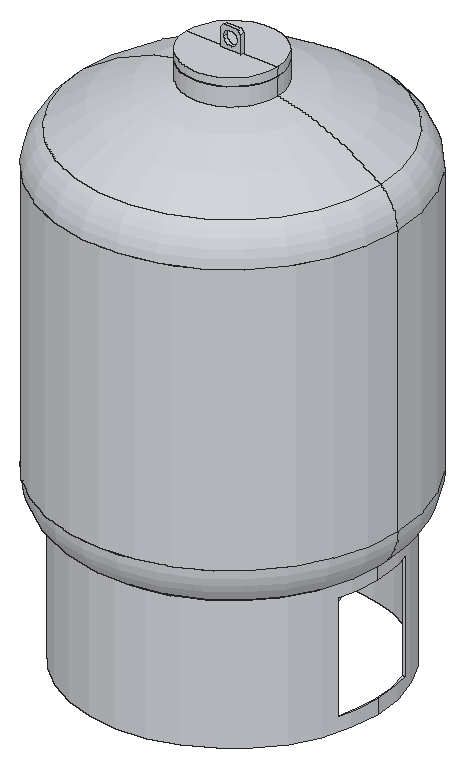
Revit family
Parameters (values of type "ST-456 150# W.P. 10 BAR")
  Weight = "1418 lbs"
  Tank Volume = "422 Gal"
  Tank Only = 63.125"
  Tank Height/Length = 78.875"
  Tank Diameter = "48"
  Pipe Connector Diameter = Pipe Connection Radius * 2  # 3.000"
  Pipe Connection Radius = 1.500"
  Model = "ST-456"
  Maximum Acceptance Volume = "274 Gal"
  Max Operating Temp = "240 Deg F"
  Max Operating Pressure = "150 PSI"
  Manufacturer = "Amtrol"
  Lifting Ring Location = Tank Only / 2  # 31.5625"
  Floor to Elbow Centerline = 7.125"
  Floor to Bottom of Tank = 12.500"
  Bladder/Diaphragm = "Bladder"
  ASME = no
Types (3): name | Weight | Tank Volume | Tank Only | Tank Height/Length | Model | Maximum Acceptance Volume | Lifting Ring Location
  (no name) | "1418 lbs" | "422 Gal" | 63.125" | 78.875" | "ST-456" | "274 Gal" | 31.5625"
  ST-456 150# W.P. 10 BAR | "1418 lbs" | "422 Gal" | 63.125" | 78.875" | "ST-456" | "274 Gal" | 31.5625"
  ST-457 150# W.P. 10 BAR | "1676 lbs" | "528 Gal" | 78.500" | 94.250" | "ST-457" | "343 Gal" | 39.250"
Reference planes (in)
  plane 1 "Center (Front/Back)": y = 0
  plane 2: z = 0
  plane 3 "Center (Left/Right)": x = 0
Forms (in)
  Revolve 1, solid
    sketch origin (0, 0, 0) x (1, 0, 0) y (0, 0, 1)
      loop
        arc (21.44792, 65.05553) -> (11.32825, 70.37355) -> (0, 71.90974) r 32.91716
        line (0, 71.90974) -> (0, 8.78474)
        arc (0, 8.78474) -> (11.37188, 10.40671) -> (21.49399, 15.83746) r 32.917
        arc (21.49399, 15.83746) -> (23.3404, 18.13371) -> (23.99993, 21.00548) r 6.582
        line (23.99993, 21.00548) -> (23.99993, 60.04693)
        arc (23.99993, 60.04693) -> (23.28548, 62.83736) -> (21.44792, 65.05553) r 6.58224
      axis (0, 8.78474) -> (0, 71.90974)
    angle from 0 to 360
  Revolve 2, solid
    sketch origin (0, 0, 0) x (1, 0, 0) y (0, 0, 1)
      loop
        line (0, 75.15974) -> (0, 71.40764) -> (6.625, 71.40764) -> (6.625, 73.90974) -> (0.95512, 73.90974) -> (0.95512, 74.03474) -> (6.625, 74.03474) -> (6.625, 75.15974) -> (0, 75.15974)
      axis (0, 71.40764) -> (0, 75.15974)
    angle from 0 to 360
  Revolve 3, solid
    sketch origin (0, 0, 0) x (1, 0, 0) y (0, 0, 1)
      loop
        line (14.4359, 8.05952) -> (14.33884, 8.42174) -> (13.97054, 8.32305) -> (13.87349, 8.68528) -> (14.24179, 8.78396) -> (14.14473, 9.14618) -> (12.69584, 8.75796) -> (12.04879, 11.17277) -> (9.27176, 10.42867) -> (10.20997, 6.92718) -> (14.4359, 8.05952)
      axis (10.20997, 6.92718) -> (9.27176, 10.42867)
    angle from 0 to 360
  Revolve 4, solid
    sketch origin (0, 0, 0) x (1, 0, 0) y (0, 0, 1)
      loop
        line (11.87266, 5.82482) -> (11.87266, 8.01263) -> (10.20997, 8.01263) -> (10.20997, 5.82482) -> (11.87266, 5.82482)
      axis (10.20997, 5.82482) -> (10.20997, 8.01263)
    angle from 0 to 360
  Revolve 5, solid
    sketch origin (0, 0, 0) x (1, 0, 0) y (0, 0, 1)
      loop
        line (-21, -3.71526) -> (-20.814, -3.71526) -> (-20.814, 16.03474) -> (-21, 16.03474) -> (-21, -3.71526)
      axis (0, -3.71526) -> (0, 16.03474)
    angle from 0 to 360
  Extrusion 6, void
    sketch origin (0, 0, 0) x (0, 1, 0) y (0, 0, 1)
      loop
        line (6, -1.71526) -> (6, 13.74272) -> (-6, 13.74272) -> (-6, -1.71526) -> (6, -1.71526)
    from 18.98012 to 36.62147
  Sweep 7, solid
    path origin (0, 0, 0) x (1, 0, 0) y (0, 0, 1)
      loop
        line (10.20997, 6.82974) -> (10.20997, 6.22574)
        arc (10.20997, 6.22574) -> (11.03476, 4.23453) -> (13.02597, 3.40974) r 2.816
        line (13.02597, 3.40974) -> (13.65097, 3.40974)
    profile origin (10.20997, 0, 6.52774) x (0, -1, 0) y (1, 0, 0)
      loop
        circle (0, 0) r 2
  Extrusion 8, void
    sketch origin (0, 0, 0) x (0, 1, 0) y (0, 0, 1)
      loop
        line (3, 13.74272) -> (-3, 13.74272) -> (-3, 6.99272) -> (3, 6.99272) -> (3, 13.74272)
    from -18.87223 to -29.70163
  Extrusion 9, solid
    sketch origin (0, 0, 0) x (1, 0, 0) y (0, 0, 1)
      loop
        line (-1, 78.15974) -> (-1.5, 77.65974) -> (-1.5, 74.90974) -> (1.5, 74.90974) -> (1.5, 77.65974) -> (1, 78.15974) -> (-1, 78.15974)
      loop
        circle (0, 76.65429) r 1.00526
    from -0.24427 to 0.26814
  Extrusion 10, solid
    sketch origin (0, 0, 0) x (1, 0, 0) y (0, 0, 1)
      loop
        line (-23.99357, 41.83774) -> (-26.50514, 41.83774) -> (-26.99357, 41.34931) -> (-26.99357, 39.34931) -> (-26.49357, 38.84931) -> (-23.99357, 38.84931) -> (-23.99357, 41.83774)
      loop
        circle (-25.3959, 40.33774) r 1
    from -0.24427 to 0.26814
Cuts and joins
  Extrusion 6, Extrusion 8 cuts Revolve 1
  Extrusion 6, Extrusion 8 cuts Revolve 3
  Extrusion 6, Extrusion 8 cuts Revolve 5
  Extrusion 8 cuts Revolve 4
Lines and regions (in)
  reference lines
    curve 1: line (0, 0, 8.77524) -> (-0.68576, 0, 8.77524)
Dimensions and locks (in)
  "Tank Only": Revolve 1 sketch curve to Revolve 1 sketch curve
  "Floor to Bottom of Tank": Revolve 1 sketch curve to level
  Revolve 1 sketch curve to Revolve 1 sketch curve = 26.33492"
  plane 3 "Center (Left/Right)" to Revolve 5 sketch curve = 21.000"
  "Floor to Elbow Centerline": Sweep 7 sketch curve to level
  Revolve 2 sketch curve to cut or joined group of Revolve 1, Extrusion 6, Extrusion 8 = 11.36071"
  Extrusion 9 sketch curve to Revolve 2 = 0.875"
  "Tank Height/Length": Revolve 2 sketch curve to level
  Extrusion 10 sketch curve to Extrusion 10 sketch curve = 1.500"
  "Lifting Ring Location": Extrusion 10 sketch curve to curve 1
  radius of Revolve 1 sketch curve = 32.91716"
  radius of Revolve 1 sketch curve = 6.58224"
  radius of Revolve 1 sketch curve = 6.582"
  radius of Revolve 1 sketch curve = 32.917"
Automatic sketch dimensions
  Revolve 1 sketch curve to plane 3 "Center (Left/Right)" = 0.000"  (x2)
  plane 3 "Center (Left/Right)" to Revolve 1 sketch curve = 1.10933"
  plane 3 "Center (Left/Right)" to Revolve 1 sketch curve = 1.30799"
  Revolve 1 sketch curve to Revolve 1 sketch curve = 6.57927"
  Revolve 1 sketch curve to Revolve 1 sketch curve = 2.55201"
  Revolve 1 sketch curve to Revolve 1 sketch curve = 2.50593"
  Revolve 1 sketch curve to Revolve 1 sketch curve = 0.000"
  Revolve 1 sketch curve to Revolve 1 sketch curve = 11.04666"
  plane 3 "Center (Left/Right)" to Revolve 3 sketch curve = 9.08209"
  Revolve 3 sketch curve to Revolve 3 sketch curve = 0.18966"
  Revolve 3 sketch curve to Revolve 3 sketch curve = 0.000"  (x2)
  Revolve 3 sketch curve to Revolve 3 sketch curve = 2.77704"
  Revolve 3 sketch curve to Revolve 3 sketch curve = 0.64705"
  Revolve 3 sketch curve to Revolve 3 sketch curve = 1.17765"
  Revolve 3 sketch curve to Revolve 3 sketch curve = 0.09706"  (x3)
  Revolve 3 sketch curve to Revolve 3 sketch curve = 0.27124"
  level to Revolve 3 sketch curve = 11.77478"
  Revolve 3 sketch curve to Revolve 3 sketch curve = 0.70783"
  level to Revolve 3 sketch curve = 10.64244"
  Revolve 3 sketch curve to Revolve 3 sketch curve = 2.48587"
  plane 3 "Center (Left/Right)" to Revolve 4 sketch curve = 10.20997"
  Revolve 4 sketch curve to Revolve 4 sketch curve = 0.000"  (x2)
  Revolve 4 sketch curve to Revolve 4 sketch curve = 1.66268"
  level to Revolve 4 sketch curve = 9.54007"
  Revolve 4 sketch curve to Revolve 4 sketch curve = 2.18782"
  Revolve 4 sketch curve to Revolve 4 sketch curve = 1.56218"
  Revolve 5 sketch curve to level = 0.000"  (x2)
  Revolve 5 sketch curve to plane 3 "Center (Left/Right)" = 0.000"
  Revolve 5 sketch curve to Revolve 5 sketch curve = 0.186"
  level to Revolve 5 sketch curve = 19.750"
  Revolve 5 sketch curve to Revolve 5 sketch curve = 12.250"
  level to Extrusion 6 sketch curve = 2.000"
  plane 1 "Center (Front/Back)" to Extrusion 6 sketch curve = 6.000"
  Extrusion 6 sketch curve to plane 1 "Center (Front/Back)" = 6.000"
  Extrusion 6 sketch curve to Extrusion 6 sketch curve = 15.45798"
  plane 3 "Center (Left/Right)" to Sweep 7 sketch curve = 10.20997"
  Sweep 7 sketch curve to Sweep 7 sketch curve = 2.816"
  Sweep 7 sketch curve to Sweep 7 sketch curve = 0.625"
  Sweep 7 sketch curve to Sweep 7 sketch curve = 0.604"
  plane 1 "Center (Front/Back)" to Sweep 7 sketch curve = 0.000"
  Sweep 7 sketch curve to profile plane = 0.000"
  plane 1 "Center (Front/Back)" to Extrusion 8 sketch curve = 3.000"
  Extrusion 8 sketch curve to plane 1 "Center (Front/Back)" = 3.000"
  level to Extrusion 8 sketch curve = 10.70798"
  Extrusion 8 sketch curve to Extrusion 8 sketch curve = 6.750"
  Revolve 2 sketch curve to plane 3 "Center (Left/Right)" = 0.000"  (x2)
  plane 3 "Center (Left/Right)" to Revolve 2 sketch curve = 0.95512"
  Revolve 2 sketch curve to Revolve 2 sketch curve = 5.66988"
  Revolve 2 sketch curve to Revolve 2 sketch curve = 0.000"  (x2)
  Revolve 2 sketch curve to Revolve 2 sketch curve = 0.125"
  Revolve 2 sketch curve to Revolve 2 sketch curve = 1.125"
  Revolve 2 sketch curve to Revolve 2 sketch curve = 3.82248"
  Extrusion 9 sketch curve to plane 3 "Center (Left/Right)" = 0.000"
  Extrusion 9 sketch curve to plane 3 "Center (Left/Right)" = 1.000"
  Extrusion 9 sketch curve to plane 3 "Center (Left/Right)" = 1.500"
  plane 3 "Center (Left/Right)" to Extrusion 9 sketch curve = 1.000"
  Extrusion 9 sketch curve to Extrusion 9 sketch curve = 0.500"  (x2)
  Extrusion 9 sketch curve to Extrusion 9 sketch curve = 1.74455"
  Extrusion 9 sketch curve to Extrusion 9 sketch curve = 1.00545"  (x2)
  Extrusion 10 sketch curve to plane 3 "Center (Left/Right)" = 26.99357"
  Extrusion 10 sketch curve to Extrusion 10 sketch curve = 0.500"  (x2)
  Extrusion 10 sketch curve to Extrusion 10 sketch curve = 0.48843"  (x2)
  Extrusion 10 sketch curve to Extrusion 10 sketch curve = 1.09767"
  Extrusion 10 sketch curve to Extrusion 10 sketch curve = 1.40233"
  Extrusion 10 sketch curve to Extrusion 10 sketch curve = 1.48843"
  curve 1 to plane 3 "Center (Left/Right)" = 0.000"
  curve 1 to curve 1 = 0.68576"
  plane 2 to curve 1 = 8.77524"
  radius of Sweep 7 sketch curve = 2.000"
  radius of Extrusion 9 sketch curve = 1.00526"
  radius of Extrusion 10 sketch curve = 1.000"
Connectors (in)
  piping at (13.65097, 0, 3.40974), driven by "Pipe Connection Radius"
    settings: on Sweep 7, index 1
